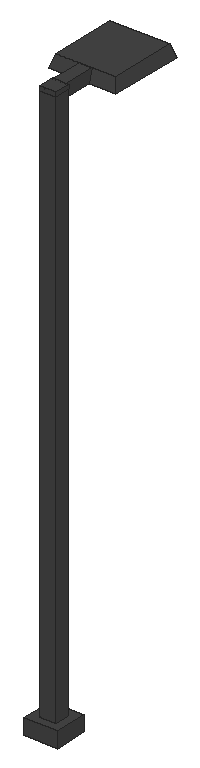
Revit family "RAR2", category Lighting Fixtures, Revit 2021 (continued)
Definition of nested family "RAR"
  Forms (in)
    Extrusion 4, solid, material <- "Lens"
      sketch origin (0.375, 0, 0) x (1, 0, 0) y (0, 0, 1)
        loop
          line (-3.62603, 18.68811) -> (-3.62603, 18.43811) -> (-3.37603, 18.43811) -> (-3.37603, 18.68811) -> (-3.62603, 18.68811)
        loop
          line (-7.43915, 18.1762) -> (-7.43915, 17.9262) -> (-7.18915, 17.9262) -> (-7.18915, 18.1762) -> (-7.43915, 18.1762)
        loop
          line (-6.93915, 18.1762) -> (-6.93915, 17.9262) -> (-6.68915, 17.9262) -> (-6.68915, 18.1762) -> (-6.93915, 18.1762)
        loop
          line (-6.43915, 18.1762) -> (-6.43915, 17.9262) -> (-6.18915, 17.9262) -> (-6.18915, 18.1762) -> (-6.43915, 18.1762)
        loop
          line (-6.03259, 18.1762) -> (-6.03259, 17.9262) -> (-5.78259, 17.9262) -> (-5.78259, 18.1762) -> (-6.03259, 18.1762)
        loop
          line (-5.53259, 18.1762) -> (-5.53259, 17.9262) -> (-5.28259, 17.9262) -> (-5.28259, 18.1762) -> (-5.53259, 18.1762)
        loop
          line (-5.03259, 18.1762) -> (-5.03259, 17.9262) -> (-4.78259, 17.9262) -> (-4.78259, 18.1762) -> (-5.03259, 18.1762)
        loop
          line (-4.62603, 18.1762) -> (-4.62603, 17.9262) -> (-4.37603, 17.9262) -> (-4.37603, 18.1762) -> (-4.62603, 18.1762)
        loop
          line (-4.12603, 18.1762) -> (-4.12603, 17.9262) -> (-3.87603, 17.9262) -> (-3.87603, 18.1762) -> (-4.12603, 18.1762)
        loop
          line (-3.62603, 18.1762) -> (-3.62603, 17.9262) -> (-3.37603, 17.9262) -> (-3.37603, 18.1762) -> (-3.62603, 18.1762)
        loop
          line (-7.43915, 17.66429) -> (-7.43915, 17.41429) -> (-7.18915, 17.41429) -> (-7.18915, 17.66429) -> (-7.43915, 17.66429)
        loop
          line (-6.93915, 17.66429) -> (-6.93915, 17.41429) -> (-6.68915, 17.41429) -> (-6.68915, 17.66429) -> (-6.93915, 17.66429)
        loop
          line (-6.43915, 17.66429) -> (-6.43915, 17.41429) -> (-6.18915, 17.41429) -> (-6.18915, 17.66429) -> (-6.43915, 17.66429)
        loop
          line (-6.03259, 17.66429) -> (-6.03259, 17.41429) -> (-5.78259, 17.41429) -> (-5.78259, 17.66429) -> (-6.03259, 17.66429)
        loop
          line (-5.53259, 17.66429) -> (-5.53259, 17.41429) -> (-5.28259, 17.41429) -> (-5.28259, 17.66429) -> (-5.53259, 17.66429)
        loop
          line (-5.03259, 17.66429) -> (-5.03259, 17.41429) -> (-4.78259, 17.41429) -> (-4.78259, 17.66429) -> (-5.03259, 17.66429)
        loop
          line (-4.62603, 17.66429) -> (-4.62603, 17.41429) -> (-4.37603, 17.41429) -> (-4.37603, 17.66429) -> (-4.62603, 17.66429)
        loop
          line (-4.12603, 17.66429) -> (-4.12603, 17.41429) -> (-3.87603, 17.41429) -> (-3.87603, 17.66429) -> (-4.12603, 17.66429)
        loop
          line (-3.62603, 17.66429) -> (-3.62603, 17.41429) -> (-3.37603, 17.41429) -> (-3.37603, 17.66429) -> (-3.62603, 17.66429)
        loop
          line (-7.43915, 17.15238) -> (-7.43915, 16.90238) -> (-7.18915, 16.90238) -> (-7.18915, 17.15238) -> (-7.43915, 17.15238)
        loop
          line (-6.93915, 17.15238) -> (-6.93915, 16.90238) -> (-6.68915, 16.90238) -> (-6.68915, 17.15238) -> (-6.93915, 17.15238)
        loop
          line (-6.43915, 17.15238) -> (-6.43915, 16.90238) -> (-6.18915, 16.90238) -> (-6.18915, 17.15238) -> (-6.43915, 17.15238)
        loop
          line (-6.03259, 17.15238) -> (-6.03259, 16.90238) -> (-5.78259, 16.90238) -> (-5.78259, 17.15238) -> (-6.03259, 17.15238)
        loop
          line (-5.53259, 17.15238) -> (-5.53259, 16.90238) -> (-5.28259, 16.90238) -> (-5.28259, 17.15238) -> (-5.53259, 17.15238)
        loop
          line (-5.03259, 17.15238) -> (-5.03259, 16.90238) -> (-4.78259, 16.90238) -> (-4.78259, 17.15238) -> (-5.03259, 17.15238)
        loop
          line (-4.62603, 17.15238) -> (-4.62603, 16.90238) -> (-4.37603, 16.90238) -> (-4.37603, 17.15238) -> (-4.62603, 17.15238)
        loop
          line (-4.12603, 17.15238) -> (-4.12603, 16.90238) -> (-3.87603, 16.90238) -> (-3.87603, 17.15238) -> (-4.12603, 17.15238)
        loop
          line (-3.62603, 17.15238) -> (-3.62603, 16.90238) -> (-3.37603, 16.90238) -> (-3.37603, 17.15238) -> (-3.62603, 17.15238)
        loop
          line (-7.43915, 16.64047) -> (-7.43915, 16.39047) -> (-7.18915, 16.39047) -> (-7.18915, 16.64047) -> (-7.43915, 16.64047)
        loop
          line (-6.93915, 16.64047) -> (-6.93915, 16.39047) -> (-6.68915, 16.39047) -> (-6.68915, 16.64047) -> (-6.93915, 16.64047)
        loop
          line (-6.43915, 16.64047) -> (-6.43915, 16.39047) -> (-6.18915, 16.39047) -> (-6.18915, 16.64047) -> (-6.43915, 16.64047)
        loop
          line (-6.03259, 16.64047) -> (-6.03259, 16.39047) -> (-5.78259, 16.39047) -> (-5.78259, 16.64047) -> (-6.03259, 16.64047)
        loop
          line (-5.53259, 16.64047) -> (-5.53259, 16.39047) -> (-5.28259, 16.39047) -> (-5.28259, 16.64047) -> (-5.53259, 16.64047)
        loop
          line (-5.03259, 16.64047) -> (-5.03259, 16.39047) -> (-4.78259, 16.39047) -> (-4.78259, 16.64047) -> (-5.03259, 16.64047)
        loop
          line (-4.62603, 16.64047) -> (-4.62603, 16.39047) -> (-4.37603, 16.39047) -> (-4.37603, 16.64047) -> (-4.62603, 16.64047)
        loop
          line (-4.12603, 16.64047) -> (-4.12603, 16.39047) -> (-3.87603, 16.39047) -> (-3.87603, 16.64047) -> (-4.12603, 16.64047)
        loop
          line (-3.62603, 16.64047) -> (-3.62603, 16.39047) -> (-3.37603, 16.39047) -> (-3.37603, 16.64047) -> (-3.62603, 16.64047)
        loop
          line (-7.43915, 16.12856) -> (-7.43915, 15.87856) -> (-7.18915, 15.87856) -> (-7.18915, 16.12856) -> (-7.43915, 16.12856)
        loop
          line (-6.93915, 16.12856) -> (-6.93915, 15.87856) -> (-6.68915, 15.87856) -> (-6.68915, 16.12856) -> (-6.93915, 16.12856)
        loop
          line (-6.43915, 16.12856) -> (-6.43915, 15.87856) -> (-6.18915, 15.87856) -> (-6.18915, 16.12856) -> (-6.43915, 16.12856)
        loop
          line (-6.03259, 16.12856) -> (-6.03259, 15.87856) -> (-5.78259, 15.87856) -> (-5.78259, 16.12856) -> (-6.03259, 16.12856)
        loop
          line (-5.53259, 16.12856) -> (-5.53259, 15.87856) -> (-5.28259, 15.87856) -> (-5.28259, 16.12856) -> (-5.53259, 16.12856)
        loop
          line (-5.03259, 16.12856) -> (-5.03259, 15.87856) -> (-4.78259, 15.87856) -> (-4.78259, 16.12856) -> (-5.03259, 16.12856)
        loop
          line (-4.62603, 16.12856) -> (-4.62603, 15.87856) -> (-4.37603, 15.87856) -> (-4.37603, 16.12856) -> (-4.62603, 16.12856)
        loop
          line (-4.12603, 16.12856) -> (-4.12603, 15.87856) -> (-3.87603, 15.87856) -> (-3.87603, 16.12856) -> (-4.12603, 16.12856)
        loop
          line (-3.62603, 16.12856) -> (-3.62603, 15.87856) -> (-3.37603, 15.87856) -> (-3.37603, 16.12856) -> (-3.62603, 16.12856)
        loop
          line (-7.43915, 15.61665) -> (-7.43915, 15.36665) -> (-7.18915, 15.36665) -> (-7.18915, 15.61665) -> (-7.43915, 15.61665)
        loop
          line (-6.93915, 15.61665) -> (-6.93915, 15.36665) -> (-6.68915, 15.36665) -> (-6.68915, 15.61665) -> (-6.93915, 15.61665)
        loop
          line (-6.43915, 15.61665) -> (-6.43915, 15.36665) -> (-6.18915, 15.36665) -> (-6.18915, 15.61665) -> (-6.43915, 15.61665)
        loop
          line (-6.03259, 15.61665) -> (-6.03259, 15.36665) -> (-5.78259, 15.36665) -> (-5.78259, 15.61665) -> (-6.03259, 15.61665)
        loop
          line (-5.53259, 15.61665) -> (-5.53259, 15.36665) -> (-5.28259, 15.36665) -> (-5.28259, 15.61665) -> (-5.53259, 15.61665)
        loop
          line (-5.03259, 15.61665) -> (-5.03259, 15.36665) -> (-4.78259, 15.36665) -> (-4.78259, 15.61665) -> (-5.03259, 15.61665)
        loop
          line (-4.62603, 15.61665) -> (-4.62603, 15.36665) -> (-4.37603, 15.36665) -> (-4.37603, 15.61665) -> (-4.62603, 15.61665)
        loop
          line (-4.12603, 15.61665) -> (-4.12603, 15.36665) -> (-3.87603, 15.36665) -> (-3.87603, 15.61665) -> (-4.12603, 15.61665)
        loop
          line (-3.62603, 15.61665) -> (-3.62603, 15.36665) -> (-3.37603, 15.36665) -> (-3.37603, 15.61665) -> (-3.62603, 15.61665)
        loop
          line (-2.61915, 20.22384) -> (-2.61915, 19.97384) -> (-2.36915, 19.97384) -> (-2.36915, 20.22384) -> (-2.61915, 20.22384)
        loop
          line (-2.11915, 20.22384) -> (-2.11915, 19.97384) -> (-1.86915, 19.97384) -> (-1.86915, 20.22384) -> (-2.11915, 20.22384)
        loop
          line (-1.61915, 20.22384) -> (-1.61915, 19.97384) -> (-1.36915, 19.97384) -> (-1.36915, 20.22384) -> (-1.61915, 20.22384)
        loop
          line (-1.21259, 20.22384) -> (-1.21259, 19.97384) -> (-0.96259, 19.97384) -> (-0.96259, 20.22384) -> (-1.21259, 20.22384)
        loop
          line (-0.71259, 20.22384) -> (-0.71259, 19.97384) -> (-0.46259, 19.97384) -> (-0.46259, 20.22384) -> (-0.71259, 20.22384)
        loop
          line (-0.21259, 20.22384) -> (-0.21259, 19.97384) -> (0.03741, 19.97384) -> (0.03741, 20.22384) -> (-0.21259, 20.22384)
        loop
          line (0.19397, 20.22384) -> (0.19397, 19.97384) -> (0.44397, 19.97384) -> (0.44397, 20.22384) -> (0.19397, 20.22384)
        loop
          line (0.69397, 20.22384) -> (0.69397, 19.97384) -> (0.94397, 19.97384) -> (0.94397, 20.22384) -> (0.69397, 20.22384)
        loop
          line (1.19397, 20.22384) -> (1.19397, 19.97384) -> (1.44397, 19.97384) -> (1.44397, 20.22384) -> (1.19397, 20.22384)
        loop
          line (-2.61915, 19.71193) -> (-2.61915, 19.46193) -> (-2.36915, 19.46193) -> (-2.36915, 19.71193) -> (-2.61915, 19.71193)
        loop
          line (-2.11915, 19.71193) -> (-2.11915, 19.46193) -> (-1.86915, 19.46193) -> (-1.86915, 19.71193) -> (-2.11915, 19.71193)
        loop
          line (-1.61915, 19.71193) -> (-1.61915, 19.46193) -> (-1.36915, 19.46193) -> (-1.36915, 19.71193) -> (-1.61915, 19.71193)
        loop
          line (-1.21259, 19.71193) -> (-1.21259, 19.46193) -> (-0.96259, 19.46193) -> (-0.96259, 19.71193) -> (-1.21259, 19.71193)
        loop
          line (-0.71259, 19.71193) -> (-0.71259, 19.46193) -> (-0.46259, 19.46193) -> (-0.46259, 19.71193) -> (-0.71259, 19.71193)
        loop
          line (-0.21259, 19.71193) -> (-0.21259, 19.46193) -> (0.03741, 19.46193) -> (0.03741, 19.71193) -> (-0.21259, 19.71193)
        loop
          line (0.19397, 19.71193) -> (0.19397, 19.46193) -> (0.44397, 19.46193) -> (0.44397, 19.71193) -> (0.19397, 19.71193)
        loop
          line (0.69397, 19.71193) -> (0.69397, 19.46193) -> (0.94397, 19.46193) -> (0.94397, 19.71193) -> (0.69397, 19.71193)
        loop
          line (1.19397, 19.71193) -> (1.19397, 19.46193) -> (1.44397, 19.46193) -> (1.44397, 19.71193) -> (1.19397, 19.71193)
        loop
          line (-2.61915, 19.20002) -> (-2.61915, 18.95002) -> (-2.36915, 18.95002) -> (-2.36915, 19.20002) -> (-2.61915, 19.20002)
        loop
          line (-2.11915, 19.20002) -> (-2.11915, 18.95002) -> (-1.86915, 18.95002) -> (-1.86915, 19.20002) -> (-2.11915, 19.20002)
        loop
          line (-1.61915, 19.20002) -> (-1.61915, 18.95002) -> (-1.36915, 18.95002) -> (-1.36915, 19.20002) -> (-1.61915, 19.20002)
        loop
          line (-1.21259, 19.20002) -> (-1.21259, 18.95002) -> (-0.96259, 18.95002) -> (-0.96259, 19.20002) -> (-1.21259, 19.20002)
        loop
          line (-0.71259, 19.20002) -> (-0.71259, 18.95002) -> (-0.46259, 18.95002) -> (-0.46259, 19.20002) -> (-0.71259, 19.20002)
        loop
          line (-0.21259, 19.20002) -> (-0.21259, 18.95002) -> (0.03741, 18.95002) -> (0.03741, 19.20002) -> (-0.21259, 19.20002)
        loop
          line (0.19397, 19.20002) -> (0.19397, 18.95002) -> (0.44397, 18.95002) -> (0.44397, 19.20002) -> (0.19397, 19.20002)
        loop
          line (0.69397, 19.20002) -> (0.69397, 18.95002) -> (0.94397, 18.95002) -> (0.94397, 19.20002) -> (0.69397, 19.20002)
        loop
          line (1.19397, 19.20002) -> (1.19397, 18.95002) -> (1.44397, 18.95002) -> (1.44397, 19.20002) -> (1.19397, 19.20002)
        loop
          line (-2.61915, 18.68811) -> (-2.61915, 18.43811) -> (-2.36915, 18.43811) -> (-2.36915, 18.68811) -> (-2.61915, 18.68811)
        loop
          line (-2.11915, 18.68811) -> (-2.11915, 18.43811) -> (-1.86915, 18.43811) -> (-1.86915, 18.68811) -> (-2.11915, 18.68811)
        loop
          line (-1.61915, 18.68811) -> (-1.61915, 18.43811) -> (-1.36915, 18.43811) -> (-1.36915, 18.68811) -> (-1.61915, 18.68811)
        loop
          line (-1.21259, 18.68811) -> (-1.21259, 18.43811) -> (-0.96259, 18.43811) -> (-0.96259, 18.68811) -> (-1.21259, 18.68811)
        loop
          line (-0.71259, 18.68811) -> (-0.71259, 18.43811) -> (-0.46259, 18.43811) -> (-0.46259, 18.68811) -> (-0.71259, 18.68811)
        loop
          line (-0.21259, 18.68811) -> (-0.21259, 18.43811) -> (0.03741, 18.43811) -> (0.03741, 18.68811) -> (-0.21259, 18.68811)
        loop
          line (0.19397, 18.68811) -> (0.19397, 18.43811) -> (0.44397, 18.43811) -> (0.44397, 18.68811) -> (0.19397, 18.68811)
        loop
          line (0.69397, 18.68811) -> (0.69397, 18.43811) -> (0.94397, 18.43811) -> (0.94397, 18.68811) -> (0.69397, 18.68811)
        loop
          line (1.19397, 18.68811) -> (1.19397, 18.43811) -> (1.44397, 18.43811) -> (1.44397, 18.68811) -> (1.19397, 18.68811)
        loop
          line (-2.61915, 18.1762) -> (-2.61915, 17.9262) -> (-2.36915, 17.9262) -> (-2.36915, 18.1762) -> (-2.61915, 18.1762)
        loop
          line (-2.11915, 18.1762) -> (-2.11915, 17.9262) -> (-1.86915, 17.9262) -> (-1.86915, 18.1762) -> (-2.11915, 18.1762)
        loop
          line (-1.61915, 18.1762) -> (-1.61915, 17.9262) -> (-1.36915, 17.9262) -> (-1.36915, 18.1762) -> (-1.61915, 18.1762)
        loop
          line (-1.21259, 18.1762) -> (-1.21259, 17.9262) -> (-0.96259, 17.9262) -> (-0.96259, 18.1762) -> (-1.21259, 18.1762)
        loop
          line (-0.71259, 18.1762) -> (-0.71259, 17.9262) -> (-0.46259, 17.9262) -> (-0.46259, 18.1762) -> (-0.71259, 18.1762)
        loop
          line (-0.21259, 18.1762) -> (-0.21259, 17.9262) -> (0.03741, 17.9262) -> (0.03741, 18.1762) -> (-0.21259, 18.1762)
        loop
          line (0.19397, 18.1762) -> (0.19397, 17.9262) -> (0.44397, 17.9262) -> (0.44397, 18.1762) -> (0.19397, 18.1762)
        loop
          line (0.69397, 18.1762) -> (0.69397, 17.9262) -> (0.94397, 17.9262) -> (0.94397, 18.1762) -> (0.69397, 18.1762)
        loop
          line (1.19397, 18.1762) -> (1.19397, 17.9262) -> (1.44397, 17.9262) -> (1.44397, 18.1762) -> (1.19397, 18.1762)
        loop
          line (-2.61915, 17.66429) -> (-2.61915, 17.41429) -> (-2.36915, 17.41429) -> (-2.36915, 17.66429) -> (-2.61915, 17.66429)
        loop
          line (-2.11915, 17.66429) -> (-2.11915, 17.41429) -> (-1.86915, 17.41429) -> (-1.86915, 17.66429) -> (-2.11915, 17.66429)
        loop
          line (-1.61915, 17.66429) -> (-1.61915, 17.41429) -> (-1.36915, 17.41429) -> (-1.36915, 17.66429) -> (-1.61915, 17.66429)
        loop
          line (-1.21259, 17.66429) -> (-1.21259, 17.41429) -> (-0.96259, 17.41429) -> (-0.96259, 17.66429) -> (-1.21259, 17.66429)
        loop
          line (-0.71259, 17.66429) -> (-0.71259, 17.41429) -> (-0.46259, 17.41429) -> (-0.46259, 17.66429) -> (-0.71259, 17.66429)
        loop
          line (-0.21259, 17.66429) -> (-0.21259, 17.41429) -> (0.03741, 17.41429) -> (0.03741, 17.66429) -> (-0.21259, 17.66429)
        loop
          line (0.19397, 17.66429) -> (0.19397, 17.41429) -> (0.44397, 17.41429) -> (0.44397, 17.66429) -> (0.19397, 17.66429)
        loop
          line (0.69397, 17.66429) -> (0.69397, 17.41429) -> (0.94397, 17.41429) -> (0.94397, 17.66429) -> (0.69397, 17.66429)
        loop
          line (1.19397, 17.66429) -> (1.19397, 17.41429) -> (1.44397, 17.41429) -> (1.44397, 17.66429) -> (1.19397, 17.66429)
        loop
          line (-2.61915, 17.15238) -> (-2.61915, 16.90238) -> (-2.36915, 16.90238) -> (-2.36915, 17.15238) -> (-2.61915, 17.15238)
        loop
          line (-2.11915, 17.15238) -> (-2.11915, 16.90238) -> (-1.86915, 16.90238) -> (-1.86915, 17.15238) -> (-2.11915, 17.15238)
        loop
          line (-1.61915, 17.15238) -> (-1.61915, 16.90238) -> (-1.36915, 16.90238) -> (-1.36915, 17.15238) -> (-1.61915, 17.15238)
        loop
          line (-1.21259, 17.15238) -> (-1.21259, 16.90238) -> (-0.96259, 16.90238) -> (-0.96259, 17.15238) -> (-1.21259, 17.15238)
        loop
          line (-0.71259, 17.15238) -> (-0.71259, 16.90238) -> (-0.46259, 16.90238) -> (-0.46259, 17.15238) -> (-0.71259, 17.15238)
        loop
          line (-0.21259, 17.15238) -> (-0.21259, 16.90238) -> (0.03741, 16.90238) -> (0.03741, 17.15238) -> (-0.21259, 17.15238)
        loop
          line (0.19397, 17.15238) -> (0.19397, 16.90238) -> (0.44397, 16.90238) -> (0.44397, 17.15238) -> (0.19397, 17.15238)
        loop
          line (0.69397, 17.15238) -> (0.69397, 16.90238) -> (0.94397, 16.90238) -> (0.94397, 17.15238) -> (0.69397, 17.15238)
        loop
          line (1.19397, 17.15238) -> (1.19397, 16.90238) -> (1.44397, 16.90238) -> (1.44397, 17.15238) -> (1.19397, 17.15238)
        loop
          line (-2.61915, 16.64047) -> (-2.61915, 16.39047) -> (-2.36915, 16.39047) -> (-2.36915, 16.64047) -> (-2.61915, 16.64047)
        loop
          line (-2.11915, 16.64047) -> (-2.11915, 16.39047) -> (-1.86915, 16.39047) -> (-1.86915, 16.64047) -> (-2.11915, 16.64047)
        loop
          line (-1.61915, 16.64047) -> (-1.61915, 16.39047) -> (-1.36915, 16.39047) -> (-1.36915, 16.64047) -> (-1.61915, 16.64047)
        loop
          line (-1.21259, 16.64047) -> (-1.21259, 16.39047) -> (-0.96259, 16.39047) -> (-0.96259, 16.64047) -> (-1.21259, 16.64047)
        loop
          line (-0.71259, 16.64047) -> (-0.71259, 16.39047) -> (-0.46259, 16.39047) -> (-0.46259, 16.64047) -> (-0.71259, 16.64047)
        loop
          line (-0.21259, 16.64047) -> (-0.21259, 16.39047) -> (0.03741, 16.39047) -> (0.03741, 16.64047) -> (-0.21259, 16.64047)
        loop
          line (0.19397, 16.64047) -> (0.19397, 16.39047) -> (0.44397, 16.39047) -> (0.44397, 16.64047) -> (0.19397, 16.64047)
        loop
          line (0.69397, 16.64047) -> (0.69397, 16.39047) -> (0.94397, 16.39047) -> (0.94397, 16.64047) -> (0.69397, 16.64047)
        loop
          line (1.19397, 16.64047) -> (1.19397, 16.39047) -> (1.44397, 16.39047) -> (1.44397, 16.64047) -> (1.19397, 16.64047)
        loop
          line (-2.61915, 16.12856) -> (-2.61915, 15.87856) -> (-2.36915, 15.87856) -> (-2.36915, 16.12856) -> (-2.61915, 16.12856)
        loop
          line (-2.11915, 16.12856) -> (-2.11915, 15.87856) -> (-1.86915, 15.87856) -> (-1.86915, 16.12856) -> (-2.11915, 16.12856)
        loop
          line (-1.61915, 16.12856) -> (-1.61915, 15.87856) -> (-1.36915, 15.87856) -> (-1.36915, 16.12856) -> (-1.61915, 16.12856)
        loop
          line (-1.21259, 16.12856) -> (-1.21259, 15.87856) -> (-0.96259, 15.87856) -> (-0.96259, 16.12856) -> (-1.21259, 16.12856)
        loop
          line (-0.71259, 16.12856) -> (-0.71259, 15.87856) -> (-0.46259, 15.87856) -> (-0.46259, 16.12856) -> (-0.71259, 16.12856)
        loop
          line (-0.21259, 16.12856) -> (-0.21259, 15.87856) -> (0.03741, 15.87856) -> (0.03741, 16.12856) -> (-0.21259, 16.12856)
        loop
          line (0.19397, 16.12856) -> (0.19397, 15.87856) -> (0.44397, 15.87856) -> (0.44397, 16.12856) -> (0.19397, 16.12856)
        loop
          line (0.69397, 16.12856) -> (0.69397, 15.87856) -> (0.94397, 15.87856) -> (0.94397, 16.12856) -> (0.69397, 16.12856)
        loop
          line (1.19397, 16.12856) -> (1.19397, 15.87856) -> (1.44397, 15.87856) -> (1.44397, 16.12856) -> (1.19397, 16.12856)
        loop
          line (-2.61915, 15.61665) -> (-2.61915, 15.36665) -> (-2.36915, 15.36665) -> (-2.36915, 15.61665) -> (-2.61915, 15.61665)
        loop
          line (-2.11915, 15.61665) -> (-2.11915, 15.36665) -> (-1.86915, 15.36665) -> (-1.86915, 15.61665) -> (-2.11915, 15.61665)
        loop
          line (-1.61915, 15.61665) -> (-1.61915, 15.36665) -> (-1.36915, 15.36665) -> (-1.36915, 15.61665) -> (-1.61915, 15.61665)
        loop
          line (-1.21259, 15.61665) -> (-1.21259, 15.36665) -> (-0.96259, 15.36665) -> (-0.96259, 15.61665) -> (-1.21259, 15.61665)
        loop
          line (-0.71259, 15.61665) -> (-0.71259, 15.36665) -> (-0.46259, 15.36665) -> (-0.46259, 15.61665) -> (-0.71259, 15.61665)
        loop
          line (-0.21259, 15.61665) -> (-0.21259, 15.36665) -> (0.03741, 15.36665) -> (0.03741, 15.61665) -> (-0.21259, 15.61665)
        loop
          line (0.19397, 15.61665) -> (0.19397, 15.36665) -> (0.44397, 15.36665) -> (0.44397, 15.61665) -> (0.19397, 15.61665)
        loop
          line (0.69397, 15.61665) -> (0.69397, 15.36665) -> (0.94397, 15.36665) -> (0.94397, 15.61665) -> (0.69397, 15.61665)
        loop
          line (1.19397, 15.61665) -> (1.19397, 15.36665) -> (1.44397, 15.36665) -> (1.44397, 15.61665) -> (1.19397, 15.61665)
        loop
          line (2.20085, 20.22384) -> (2.20085, 19.97384) -> (2.45085, 19.97384) -> (2.45085, 20.22384) -> (2.20085, 20.22384)
        loop
          line (2.70085, 20.22384) -> (2.70085, 19.97384) -> (2.95085, 19.97384) -> (2.95085, 20.22384) -> (2.70085, 20.22384)
        loop
          line (3.20085, 20.22384) -> (3.20085, 19.97384) -> (3.45085, 19.97384) -> (3.45085, 20.22384) -> (3.20085, 20.22384)
        loop
          line (3.60741, 20.22384) -> (3.60741, 19.97384) -> (3.85741, 19.97384) -> (3.85741, 20.22384) -> (3.60741, 20.22384)
        loop
          line (4.10741, 20.22384) -> (4.10741, 19.97384) -> (4.35741, 19.97384) -> (4.35741, 20.22384) -> (4.10741, 20.22384)
        loop
          line (4.60741, 20.22384) -> (4.60741, 19.97384) -> (4.85741, 19.97384) -> (4.85741, 20.22384) -> (4.60741, 20.22384)
        loop
          line (5.01397, 20.22384) -> (5.01397, 19.97384) -> (5.26397, 19.97384) -> (5.26397, 20.22384) -> (5.01397, 20.22384)
        loop
          line (5.51397, 20.22384) -> (5.51397, 19.97384) -> (5.76397, 19.97384) -> (5.76397, 20.22384) -> (5.51397, 20.22384)
        loop
          line (6.01397, 20.22384) -> (6.01397, 19.97384) -> (6.26397, 19.97384) -> (6.26397, 20.22384) -> (6.01397, 20.22384)
        loop
          line (2.20085, 19.71193) -> (2.20085, 19.46193) -> (2.45085, 19.46193) -> (2.45085, 19.71193) -> (2.20085, 19.71193)
        loop
          line (2.70085, 19.71193) -> (2.70085, 19.46193) -> (2.95085, 19.46193) -> (2.95085, 19.71193) -> (2.70085, 19.71193)
        loop
          line (3.20085, 19.71193) -> (3.20085, 19.46193) -> (3.45085, 19.46193) -> (3.45085, 19.71193) -> (3.20085, 19.71193)
        loop
          line (3.60741, 19.71193) -> (3.60741, 19.46193) -> (3.85741, 19.46193) -> (3.85741, 19.71193) -> (3.60741, 19.71193)
        loop
          line (4.10741, 19.71193) -> (4.10741, 19.46193) -> (4.35741, 19.46193) -> (4.35741, 19.71193) -> (4.10741, 19.71193)
        loop
          line (4.60741, 19.71193) -> (4.60741, 19.46193) -> (4.85741, 19.46193) -> (4.85741, 19.71193) -> (4.60741, 19.71193)
        loop
          line (5.01397, 19.71193) -> (5.01397, 19.46193) -> (5.26397, 19.46193) -> (5.26397, 19.71193) -> (5.01397, 19.71193)
        loop
          line (5.51397, 19.71193) -> (5.51397, 19.46193) -> (5.76397, 19.46193) -> (5.76397, 19.71193) -> (5.51397, 19.71193)
        loop
          line (6.01397, 19.71193) -> (6.01397, 19.46193) -> (6.26397, 19.46193) -> (6.26397, 19.71193) -> (6.01397, 19.71193)
        loop
          line (2.20085, 19.20002) -> (2.20085, 18.95002) -> (2.45085, 18.95002) -> (2.45085, 19.20002) -> (2.20085, 19.20002)
        loop
          line (2.70085, 19.20002) -> (2.70085, 18.95002) -> (2.95085, 18.95002) -> (2.95085, 19.20002) -> (2.70085, 19.20002)
        loop
          line (3.20085, 19.20002) -> (3.20085, 18.95002) -> (3.45085, 18.95002) -> (3.45085, 19.20002) -> (3.20085, 19.20002)
        loop
          line (3.60741, 19.20002) -> (3.60741, 18.95002) -> (3.85741, 18.95002) -> (3.85741, 19.20002) -> (3.60741, 19.20002)
        loop
          line (4.10741, 19.20002) -> (4.10741, 18.95002) -> (4.35741, 18.95002) -> (4.35741, 19.20002) -> (4.10741, 19.20002)
        loop
          line (4.60741, 19.20002) -> (4.60741, 18.95002) -> (4.85741, 18.95002) -> (4.85741, 19.20002) -> (4.60741, 19.20002)
        loop
          line (5.01397, 19.20002) -> (5.01397, 18.95002) -> (5.26397, 18.95002) -> (5.26397, 19.20002) -> (5.01397, 19.20002)
        loop
          line (5.51397, 19.20002) -> (5.51397, 18.95002) -> (5.76397, 18.95002) -> (5.76397, 19.20002) -> (5.51397, 19.20002)
        loop
          line (6.01397, 19.20002) -> (6.01397, 18.95002) -> (6.26397, 18.95002) -> (6.26397, 19.20002) -> (6.01397, 19.20002)
        loop
          line (2.20085, 18.68811) -> (2.20085, 18.43811) -> (2.45085, 18.43811) -> (2.45085, 18.68811) -> (2.20085, 18.68811)
        loop
          line (2.70085, 18.68811) -> (2.70085, 18.43811) -> (2.95085, 18.43811) -> (2.95085, 18.68811) -> (2.70085, 18.68811)
        loop
          line (3.20085, 18.68811) -> (3.20085, 18.43811) -> (3.45085, 18.43811) -> (3.45085, 18.68811) -> (3.20085, 18.68811)
        loop
          line (3.60741, 18.68811) -> (3.60741, 18.43811) -> (3.85741, 18.43811) -> (3.85741, 18.68811) -> (3.60741, 18.68811)
        loop
          line (4.10741, 18.68811) -> (4.10741, 18.43811) -> (4.35741, 18.43811) -> (4.35741, 18.68811) -> (4.10741, 18.68811)
        loop
          line (4.60741, 18.68811) -> (4.60741, 18.43811) -> (4.85741, 18.43811) -> (4.85741, 18.68811) -> (4.60741, 18.68811)
        loop
          line (5.01397, 18.68811) -> (5.01397, 18.43811) -> (5.26397, 18.43811) -> (5.26397, 18.68811) -> (5.01397, 18.68811)
        loop
          line (5.51397, 18.68811) -> (5.51397, 18.43811) -> (5.76397, 18.43811) -> (5.76397, 18.68811) -> (5.51397, 18.68811)
        loop
          line (6.01397, 18.68811) -> (6.01397, 18.43811) -> (6.26397, 18.43811) -> (6.26397, 18.68811) -> (6.01397, 18.68811)
        loop
          line (2.20085, 18.1762) -> (2.20085, 17.9262) -> (2.45085, 17.9262) -> (2.45085, 18.1762) -> (2.20085, 18.1762)
        loop
          line (2.70085, 18.1762) -> (2.70085, 17.9262) -> (2.95085, 17.9262) -> (2.95085, 18.1762) -> (2.70085, 18.1762)
        loop
          line (3.20085, 18.1762) -> (3.20085, 17.9262) -> (3.45085, 17.9262) -> (3.45085, 18.1762) -> (3.20085, 18.1762)
        loop
          line (3.60741, 18.1762) -> (3.60741, 17.9262) -> (3.85741, 17.9262) -> (3.85741, 18.1762) -> (3.60741, 18.1762)
        loop
          line (4.10741, 18.1762) -> (4.10741, 17.9262) -> (4.35741, 17.9262) -> (4.35741, 18.1762) -> (4.10741, 18.1762)
        loop
          line (4.60741, 18.1762) -> (4.60741, 17.9262) -> (4.85741, 17.9262) -> (4.85741, 18.1762) -> (4.60741, 18.1762)
        loop
          line (5.01397, 18.1762) -> (5.01397, 17.9262) -> (5.26397, 17.9262) -> (5.26397, 18.1762) -> (5.01397, 18.1762)
        loop
          line (5.51397, 18.1762) -> (5.51397, 17.9262) -> (5.76397, 17.9262) -> (5.76397, 18.1762) -> (5.51397, 18.1762)
        loop
          line (6.01397, 18.1762) -> (6.01397, 17.9262) -> (6.26397, 17.9262) -> (6.26397, 18.1762) -> (6.01397, 18.1762)
        loop
          line (2.20085, 17.66429) -> (2.20085, 17.41429) -> (2.45085, 17.41429) -> (2.45085, 17.66429) -> (2.20085, 17.66429)
        loop
          line (2.70085, 17.66429) -> (2.70085, 17.41429) -> (2.95085, 17.41429) -> (2.95085, 17.66429) -> (2.70085, 17.66429)
        loop
          line (3.20085, 17.66429) -> (3.20085, 17.41429) -> (3.45085, 17.41429) -> (3.45085, 17.66429) -> (3.20085, 17.66429)
        loop
          line (3.60741, 17.66429) -> (3.60741, 17.41429) -> (3.85741, 17.41429) -> (3.85741, 17.66429) -> (3.60741, 17.66429)
        loop
          line (4.10741, 17.66429) -> (4.10741, 17.41429) -> (4.35741, 17.41429) -> (4.35741, 17.66429) -> (4.10741, 17.66429)
        loop
          line (4.60741, 17.66429) -> (4.60741, 17.41429) -> (4.85741, 17.41429) -> (4.85741, 17.66429) -> (4.60741, 17.66429)
        loop
          line (5.01397, 17.66429) -> (5.01397, 17.41429) -> (5.26397, 17.41429) -> (5.26397, 17.66429) -> (5.01397, 17.66429)
        loop
          line (5.51397, 17.66429) -> (5.51397, 17.41429) -> (5.76397, 17.41429) -> (5.76397, 17.66429) -> (5.51397, 17.66429)
        loop
          line (6.01397, 17.66429) -> (6.01397, 17.41429) -> (6.26397, 17.41429) -> (6.26397, 17.66429) -> (6.01397, 17.66429)
        loop
          line (2.20085, 17.15238) -> (2.20085, 16.90238) -> (2.45085, 16.90238) -> (2.45085, 17.15238) -> (2.20085, 17.15238)
        loop
          line (2.70085, 17.15238) -> (2.70085, 16.90238) -> (2.95085, 16.90238) -> (2.95085, 17.15238) -> (2.70085, 17.15238)
        loop
          line (3.20085, 17.15238) -> (3.20085, 16.90238) -> (3.45085, 16.90238) -> (3.45085, 17.15238) -> (3.20085, 17.15238)
        loop
          line (3.60741, 17.15238) -> (3.60741, 16.90238) -> (3.85741, 16.90238) -> (3.85741, 17.15238) -> (3.60741, 17.15238)
        loop
          line (4.10741, 17.15238) -> (4.10741, 16.90238) -> (4.35741, 16.90238) -> (4.35741, 17.15238) -> (4.10741, 17.15238)
        loop
          line (4.60741, 17.15238) -> (4.60741, 16.90238) -> (4.85741, 16.90238) -> (4.85741, 17.15238) -> (4.60741, 17.15238)
        loop
          line (5.01397, 17.15238) -> (5.01397, 16.90238) -> (5.26397, 16.90238) -> (5.26397, 17.15238) -> (5.01397, 17.15238)
        loop
          line (5.51397, 17.15238) -> (5.51397, 16.90238) -> (5.76397, 16.90238) -> (5.76397, 17.15238) -> (5.51397, 17.15238)
        loop
          line (6.01397, 17.15238) -> (6.01397, 16.90238) -> (6.26397, 16.90238) -> (6.26397, 17.15238) -> (6.01397, 17.15238)
        loop
          line (2.20085, 16.64047) -> (2.20085, 16.39047) -> (2.45085, 16.39047) -> (2.45085, 16.64047) -> (2.20085, 16.64047)
        loop
          line (2.70085, 16.64047) -> (2.70085, 16.39047) -> (2.95085, 16.39047) -> (2.95085, 16.64047) -> (2.70085, 16.64047)
        loop
          line (3.20085, 16.64047) -> (3.20085, 16.39047) -> (3.45085, 16.39047) -> (3.45085, 16.64047) -> (3.20085, 16.64047)
        loop
          line (3.60741, 16.64047) -> (3.60741, 16.39047) -> (3.85741, 16.39047) -> (3.85741, 16.64047) -> (3.60741, 16.64047)
        loop
          line (4.10741, 16.64047) -> (4.10741, 16.39047) -> (4.35741, 16.39047) -> (4.35741, 16.64047) -> (4.10741, 16.64047)
        loop
          line (4.60741, 16.64047) -> (4.60741, 16.39047) -> (4.85741, 16.39047) -> (4.85741, 16.64047) -> (4.60741, 16.64047)
        loop
          line (5.01397, 16.64047) -> (5.01397, 16.39047) -> (5.26397, 16.39047) -> (5.26397, 16.64047) -> (5.01397, 16.64047)
        loop
          line (5.51397, 16.64047) -> (5.51397, 16.39047) -> (5.76397, 16.39047) -> (5.76397, 16.64047) -> (5.51397, 16.64047)
        loop
          line (6.01397, 16.64047) -> (6.01397, 16.39047) -> (6.26397, 16.39047) -> (6.26397, 16.64047) -> (6.01397, 16.64047)
        loop
          line (2.20085, 16.12856) -> (2.20085, 15.87856) -> (2.45085, 15.87856) -> (2.45085, 16.12856) -> (2.20085, 16.12856)
        loop
          line (2.70085, 16.12856) -> (2.70085, 15.87856) -> (2.95085, 15.87856) -> (2.95085, 16.12856) -> (2.70085, 16.12856)
        loop
          line (3.20085, 16.12856) -> (3.20085, 15.87856) -> (3.45085, 15.87856) -> (3.45085, 16.12856) -> (3.20085, 16.12856)
        loop
          line (3.60741, 16.12856) -> (3.60741, 15.87856) -> (3.85741, 15.87856) -> (3.85741, 16.12856) -> (3.60741, 16.12856)
        loop
          line (4.10741, 16.12856) -> (4.10741, 15.87856) -> (4.35741, 15.87856) -> (4.35741, 16.12856) -> (4.10741, 16.12856)
        loop
          line (4.60741, 16.12856) -> (4.60741, 15.87856) -> (4.85741, 15.87856) -> (4.85741, 16.12856) -> (4.60741, 16.12856)
        loop
          line (5.01397, 16.12856) -> (5.01397, 15.87856) -> (5.26397, 15.87856) -> (5.26397, 16.12856) -> (5.01397, 16.12856)
        loop
          line (5.51397, 16.12856) -> (5.51397, 15.87856) -> (5.76397, 15.87856) -> (5.76397, 16.12856) -> (5.51397, 16.12856)
        loop
          line (6.01397, 16.12856) -> (6.01397, 15.87856) -> (6.26397, 15.87856) -> (6.26397, 16.12856) -> (6.01397, 16.12856)
        loop
          line (2.20085, 15.61665) -> (2.20085, 15.36665) -> (2.45085, 15.36665) -> (2.45085, 15.61665) -> (2.20085, 15.61665)
        loop
          line (2.70085, 15.61665) -> (2.70085, 15.36665) -> (2.95085, 15.36665) -> (2.95085, 15.61665) -> (2.70085, 15.61665)
        loop
          line (3.20085, 15.61665) -> (3.20085, 15.36665) -> (3.45085, 15.36665) -> (3.45085, 15.61665) -> (3.20085, 15.61665)
        loop
          line (3.60741, 15.61665) -> (3.60741, 15.36665) -> (3.85741, 15.36665) -> (3.85741, 15.61665) -> (3.60741, 15.61665)
        loop
          line (4.10741, 15.61665) -> (4.10741, 15.36665) -> (4.35741, 15.36665) -> (4.35741, 15.61665) -> (4.10741, 15.61665)
        loop
          line (4.60741, 15.61665) -> (4.60741, 15.36665) -> (4.85741, 15.36665) -> (4.85741, 15.61665) -> (4.60741, 15.61665)
        loop
          line (5.01397, 15.61665) -> (5.01397, 15.36665) -> (5.26397, 15.36665) -> (5.26397, 15.61665) -> (5.01397, 15.61665)
        loop
          line (5.51397, 15.61665) -> (5.51397, 15.36665) -> (5.76397, 15.36665) -> (5.76397, 15.61665) -> (5.51397, 15.61665)
        loop
          line (6.01397, 15.61665) -> (6.01397, 15.36665) -> (6.26397, 15.36665) -> (6.26397, 15.61665) -> (6.01397, 15.61665)
      from -0.8 to -1
    Sweep 5, solid
      path origin (0.3125, 0, 0) x (1, 0, 0) y (0, 0, 1)
        loop
          line (-7.695, 26) -> (-7.695, 20.73575) -> (-2.875, 20.73575) -> (-2.875, 26) -> (-7.695, 26)
      profile origin (-4.9725, 0, 26) x (0, 0, 1) y (0, -1, 0)
        loop
          line (0, -0.8) -> (0, -0.74382) -> (-0.09929, -0.74382) -> (-0.09929, -0.8) -> (0, -0.8)
    Sweep 6, solid
      path origin (5.1325, 0, 0) x (1, 0, 0) y (0, 0, 1)
        loop
          line (-7.695, 26) -> (-7.695, 20.73575) -> (-2.875, 20.73575) -> (-2.875, 26) -> (-7.695, 26)
      profile origin (-0.1525, 0, 26) x (0, 0, 1) y (0, -1, 0)
        loop
          line (0, -0.8) -> (0, -0.74382) -> (-0.09929, -0.74382) -> (-0.09929, -0.8) -> (0, -0.8)
    Sweep 7, solid
      path origin (9.9525, 0, 0) x (1, 0, 0) y (0, 0, 1)
        loop
          line (-7.695, 26) -> (-7.695, 20.73575) -> (-2.875, 20.73575) -> (-2.875, 26) -> (-7.695, 26)
      profile origin (4.6675, 0, 26) x (0, 0, 1) y (0, -1, 0)
        loop
          line (0, -0.8) -> (0, -0.74382) -> (-0.09929, -0.74382) -> (-0.09929, -0.8) -> (0, -0.8)
    Sweep 8, solid
      path origin (0.3125, 0, -5.51425) x (1, 0, 0) y (0, 0, 1)
        loop
          line (-7.695, 26) -> (-7.695, 20.73575) -> (-2.875, 20.73575) -> (-2.875, 26) -> (-7.695, 26)
      profile origin (-4.9725, 0, 20.48575) x (0, 0, 1) y (0, -1, 0)
        loop
          line (0, -0.8) -> (0, -0.74382) -> (-0.09929, -0.74382) -> (-0.09929, -0.8) -> (0, -0.8)
    Sweep 9, solid
      path origin (5.1325, 0, -5.51425) x (1, 0, 0) y (0, 0, 1)
        loop
          line (-7.695, 26) -> (-7.695, 20.73575) -> (-2.875, 20.73575) -> (-2.875, 26) -> (-7.695, 26)
      profile origin (-0.1525, 0, 20.48575) x (0, 0, 1) y (0, -1, 0)
        loop
          line (0, -0.8) -> (0, -0.74382) -> (-0.09929, -0.74382) -> (-0.09929, -0.8) -> (0, -0.8)
    Sweep 10, solid
      path origin (9.9525, 0, -5.51425) x (1, 0, 0) y (0, 0, 1)
        loop
          line (-7.695, 26) -> (-7.695, 20.73575) -> (-2.875, 20.73575) -> (-2.875, 26) -> (-7.695, 26)
      profile origin (4.6675, 0, 20.48575) x (0, 0, 1) y (0, -1, 0)
        loop
          line (0, -0.8) -> (0, -0.74382) -> (-0.09929, -0.74382) -> (-0.09929, -0.8) -> (0, -0.8)
  Cuts and joins
    Extrusion 3 cuts Blend 2
  Dimensions and locks (in)
    plane 4 to plane 5 to plane 2 = 19.50", 7.50"
    equal spacing: plane 8, plane 3 "Center (Left/Right)", plane 7
    "C": plane 8 to plane 7
    aligned and locked: plane 2 to level
  Automatic sketch dimensions
    Extrusion 1 sketch curve to plane 1 "Center (Front/Back)" = 0.00"
    Extrusion 1 sketch curve to level = 0.00"
    Extrusion 1 sketch curve to plane 5 = 0.00"
    Extrusion 1 sketch curve to plane 9 = 0.25"
    plane 5 to Extrusion 1 sketch curve = 1.00"
    Blend 2 sketch curve to plane 5 = 0.00"
    Blend 2 sketch curve to plane 7 = 0.00"
    Blend 2 sketch curve to plane 8 = 0.00"
    Blend 2 sketch curve to plane 4 = 0.00"
    plane 7 to Blend 2 sketch curve = 1.00"
    Blend 2 sketch curve to plane 8 = 1.00"
    plane 5 to Blend 2 sketch curve = 1.00"
    Blend 2 sketch curve to plane 4 = 1.00"
    plane 7 to Extrusion 3 sketch curve = 1.00"
    Extrusion 3 sketch curve to plane 8 = 1.00"
    Extrusion 3 sketch curve to plane 4 = 11.7785"
    Extrusion 3 sketch curve to plane 4 = 1.00"
    plane 7 to Extrusion 4 sketch curve = 1.375"  (x2)
    Extrusion 4 sketch curve to Extrusion 4 sketch curve = 0.25585"  (x4)
    plane 7 to Extrusion 4 sketch curve = 1.63085"
    Extrusion 4 sketch curve to Extrusion 4 sketch curve = 0.00"  (x734)
    Extrusion 4 sketch curve to Extrusion 4 sketch curve = 0.25"  (x1161)
    Extrusion 4 sketch curve to Extrusion 4 sketch curve = 0.15656"  (x120)
    Extrusion 4 sketch curve to Extrusion 4 sketch curve = 0.75688"  (x13)
    Extrusion 4 sketch curve to plane 3 "Center (Left/Right)" = 0.08759"  (x20)
    plane 3 "Center (Left/Right)" to Extrusion 4 sketch curve = 0.16241"  (x20)
    Extrusion 4 sketch curve to Extrusion 4 sketch curve = 0.48603"  (x2)
    plane 5 to Extrusion 4 sketch curve = 7.7215"
    Extrusion 4 sketch curve to Extrusion 4 sketch curve = 0.14516"  (x2)
    Extrusion 4 sketch curve to Extrusion 4 sketch curve = 0.26191"  (x85)
    Extrusion 4 sketch curve to Extrusion 4 sketch curve = 0.65707"  (x3)
    plane 7 to Sweep 5 sketch curve = 1.3125"
    Sweep 5 sketch curve to plane 3 "Center (Left/Right)" = 2.5625"
    Sweep 5 sketch curve to plane 4 = 6.26425"
    Sweep 5 sketch curve to plane 4 = 1.00"
    profile plane to Sweep 5 sketch curve = 0.00"
    profile plane to Sweep 5 sketch curve = 0.09929"
    Sweep 5 sketch curve to plane 1 "Center (Front/Back)" = 0.80"
    Sweep 5 sketch curve to Sweep 5 sketch curve = 0.05618"
    Sweep 6 sketch curve to plane 3 "Center (Left/Right)" = 2.5625"
    plane 3 "Center (Left/Right)" to Sweep 6 sketch curve = 2.2575"
    Sweep 6 sketch curve to plane 4 = 6.26425"
    Sweep 6 sketch curve to plane 4 = 1.00"
    profile plane to Sweep 6 sketch curve = 0.00"
    profile plane to Sweep 6 sketch curve = 0.09929"
    Sweep 6 sketch curve to plane 1 "Center (Front/Back)" = 0.80"
    Sweep 6 sketch curve to Sweep 6 sketch curve = 0.05618"
    plane 3 "Center (Left/Right)" to Sweep 7 sketch curve = 2.2575"
    Sweep 7 sketch curve to plane 8 = 1.6175"
    Sweep 7 sketch curve to plane 4 = 6.26425"
    Sweep 7 sketch curve to plane 4 = 1.00"
    profile plane to Sweep 7 sketch curve = 0.00"
    profile plane to Sweep 7 sketch curve = 0.09929"
    Sweep 7 sketch curve to plane 1 "Center (Front/Back)" = 0.80"
    Sweep 7 sketch curve to Sweep 7 sketch curve = 0.05618"
    plane 7 to Sweep 8 sketch curve = 1.3125"
    Sweep 8 sketch curve to plane 3 "Center (Left/Right)" = 2.5625"
    plane 5 to Sweep 8 sketch curve = 7.7215"
    Sweep 8 sketch curve to Sweep 8 sketch curve = 5.26425"
    profile plane to Sweep 8 sketch curve = 0.00"
    profile plane to Sweep 8 sketch curve = 0.09929"
    Sweep 8 sketch curve to plane 1 "Center (Front/Back)" = 0.80"
    Sweep 8 sketch curve to Sweep 8 sketch curve = 0.05618"
    Sweep 9 sketch curve to plane 3 "Center (Left/Right)" = 2.5625"
    plane 3 "Center (Left/Right)" to Sweep 9 sketch curve = 2.2575"
    plane 5 to Sweep 9 sketch curve = 7.7215"
    Sweep 9 sketch curve to Sweep 9 sketch curve = 5.26425"
    profile plane to Sweep 9 sketch curve = 0.00"
    profile plane to Sweep 9 sketch curve = 0.09929"
    Sweep 9 sketch curve to plane 1 "Center (Front/Back)" = 0.80"
    Sweep 9 sketch curve to Sweep 9 sketch curve = 0.05618"
    plane 3 "Center (Left/Right)" to Sweep 10 sketch curve = 2.2575"
    Sweep 10 sketch curve to plane 8 = 1.6175"
    plane 5 to Sweep 10 sketch curve = 7.7215"
    Sweep 10 sketch curve to Sweep 10 sketch curve = 5.26425"
    profile plane to Sweep 10 sketch curve = 0.00"
    profile plane to Sweep 10 sketch curve = 0.09929"
    Sweep 10 sketch curve to plane 1 "Center (Front/Back)" = 0.80"
    Sweep 10 sketch curve to Sweep 10 sketch curve = 0.05618"
